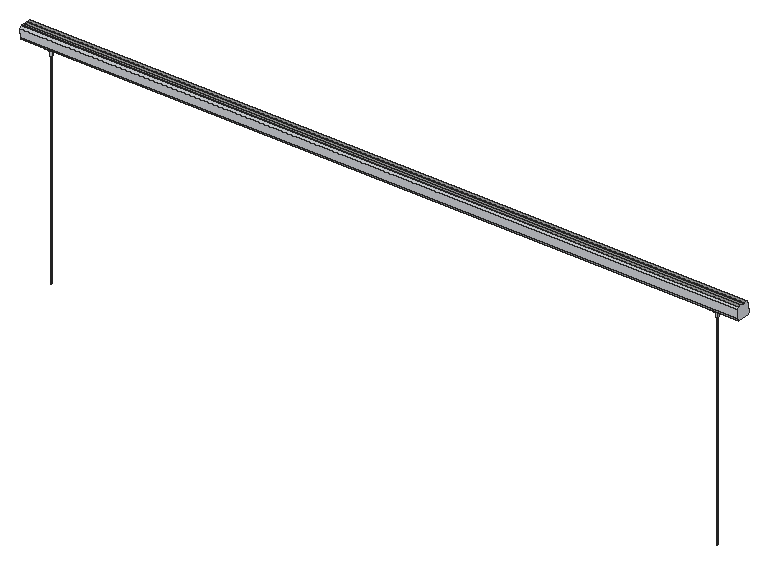
Revit family "0042546 Sylvania Lighting Fixture ISOLINE  3380MM BLANK UNIT 5C", category Lighting Fixtures, host Face, Revit 2018
Family settings
  Host = Face
  Round Connector Dimension = Use Diameter
  Part Type = Normal
  OmniClass Number = 23.80.70.00
  OmniClass Title = Lighting
  Cut with Voids When Loaded = No
  Light Source = No
  Shared = No
  Room Calculation Point = No
Parameters (values of type "0042546 ISOLINE  3380MM BLANK UNIT 5C")
  suspension height = 1000 mm
  spacer height = 5 mm
  spacer centres = 1000 mm
  height = 58.791 mm
  Width = 62 mm
  Weight = "n/a"
  Wattage Comments = ""
  WarrantyStartDate [instance] = "n/a"
  WarrantyGuarantorParts = "n/a"
  WarrantyDurationUnit = "n/a"
  WarrantyDurationParts = ""
  WarrantyDescription = "http://www.sylvania-lighting.com"
  Voltage = 0 V
  URL = "0"
  TypeName = "ISOLINE  3380MM BLANK UNIT 5C"
  Type Image = <None>
  Type Comments = "n/a"
  SerialNumber [instance] = "n/a"
  Material_3_FEILO = none
  PowerFactor = 0
  PowerConsumption = "Lighting"
  NominalLength = 62 mm
  NominalHeight = 0 mm
  NominalDepth = 0 mm
  Name = "ISOLINE  3380MM BLANK UNIT 5C"
  ModelReference = Name  # "ISOLINE  3380MM BLANK UNIT 5C"
  ModelNumber = "0042546"
  Model = Name  # "ISOLINE  3380MM BLANK UNIT 5C"
  Material = "Feilo Sylvania"
  ManufacturerName = "n/a"
  Manufacturer = ""
  LuminousEfficacy = ""
  LuminaireType = "0"
  LightOutputRatio = "LED"
  Length = 3380 mm
  LampsType = Lamp  # "n/a"
  LampNominalLuminous = "n/a"
  LampMacAdamStep = "n/a"
  LampColourTemperature = "LED"
  LampColourRenderingIndex = "16500"
  Lamp = "n/a"
  Keynote = "n/a"
  InstallationDate [instance] = "n/a"
  InputVoltage = "0"
  InputNominalFrequency = ""
  IngressProtection = "IfcLightFixtureType"
  ImpactProtectionIndex = "IfcLightFixtureType"
  IfcExportType = "IfcLightFixtureType"
  IfcExportAs = "n/a"
  Height = 1000 mm
  ExpectedLife = 50000
  ElectricShockClassification = ""
  DurationUnit = "hours"
  DocumentationLiterature = "http://www.sylvania-lighting.com/product/en-int/products/0042546"
  DimmingControlOptions = "n/a"
  Material_2_FEILO = none
  Description = "A ful 3380 rail with LED but no output. Fitted with 5 wires"
  Default Elevation = 1219.2 mm
  CreatedOn = "04/03/2021"
  CreatedBy = "@sylvania-lighting.com"
  Cost = 0
  built-in parameter 1114216 [instance] = (empty or 0)
  ClassificationValue = "EF_70_80"
  ClassificationName = "Uniclass2015"
  Material_1_FEILO = none
  BarCode [instance] = "n/a"
  AssetType = "Fixed"
  AssetIdentifier [instance] = "n/a"
  Assembly Code = "D5020200"
  Apparent Load = 0 VA
  Material_4_FEILO = none
Reference planes
  plane 1 "Center (Front/Back)": y = 0
  plane 2: z = 0
  plane 3 "Center (Left/Right)": x = 0
  plane 4: z = 0
  plane 5: z = 1000
  plane 6: y = 31
  plane 7: y = -31
  plane 8: x = -1690
  plane 9: x = 1690
  plane 10: x = -37.307
  plane 11: x = 55
  plane 12: z = 1058.791
  plane 13: z = 51
  plane 14: y = -27
  plane 15: y = 27
  plane 16: z = 12
  plane 17: y = -24.969
  plane 18: y = 25
  plane 19: y = 12
  plane 20: y = -12
  plane 21: z = 1.634
  plane 22: y = -8
  plane 23: y = 8
  plane 24: x = -1580
  plane 25: x = -1555
  plane 26: x = 1580
  plane 27: x = 1555
  plane 28: z = 995
  plane 29: y = 26.98
  plane 30: y = 16.98
  plane 31: y = -27.027
  plane 32: y = -17.004
  plane 33: z = 996.5
  plane 34: y = 26.002
  plane 35: y = -26.027
  plane 36: through (-1580, 7.965, 1219.2) normal (0.5391, 0.8423, 0)
  plane 37: through (-1555, 7.965, 1219.2) normal (0.5391, -0.8423, 0)
  plane 38: through (1555, 7.965, 1219.2) normal (0.5391, 0.8423, 0)
  plane 39: through (1580, 8, 1219.2) normal (0.5399, -0.8417, 0)
  plane 40: z = 1058.003
  plane 41: z = 1056.819
Forms (mm)
  Extrusion 1, solid, detail levels medium+fine
    sketch origin (-1690, -1523.717, -160.594) x (0, -1, -0.000261) y (0, 0.000261, -1)
      loop
        line (-1493, -1168.2) -> (-1497, -1160.2) -> (-1551, -1160.2) -> (-1555, -1168.2) -> (-1555, -1207.2) -> (-1549.109, -1218.982) -> (-1535.466, -1218.982) -> (-1532, -1217.566) -> (-1516, -1217.566) -> (-1512.511, -1218.991) -> (-1498.896, -1218.991) -> (-1493, -1207.2) -> (-1493, -1168.2)
    from 0 to 3380
  Extrusion 2, solid
    sketch origin (1555, 1524, 1219.189) x (0, 1, 0) y (0, 0, 1)
      loop
        line (-1497.021, -219.189) -> (-1498.02, -219.189) -> (-1507.02, -223.699) -> (-1541.004, -223.699) -> (-1550.017, -219.203) -> (-1551.02, -219.203) -> (-1541.004, -224.2) -> (-1507.02, -224.2) -> (-1497.021, -219.189)
    from 0 to 25
  Extrusion 3, solid
    sketch origin (-1580, 1524, 1219.189) x (0, 1, 0) y (0, 0, 1)
      loop
        line (-1497.021, -219.189) -> (-1498.02, -219.189) -> (-1507.02, -223.699) -> (-1541.004, -223.699) -> (-1550.017, -219.203) -> (-1551.02, -219.203) -> (-1541.004, -224.2) -> (-1507.02, -224.2) -> (-1497.021, -219.189)
    from 0 to 25
  Extrusion 4, solid
    sketch origin (4.2, 0, 0) x (1, 0, 0) y (0, 1, 0)
      loop
        circle (-1571.7, -0.035) r 5
    from 962.277 to 995
  Extrusion 5, solid
    sketch origin (3139.062, 0.065, 0) x (1, 0, 0) y (0, 1, 0)
      loop
        circle (-1571.7, -0.035) r 5
    from 962.277 to 995
  Extrusion 6, solid
    sketch origin (4.2, 0, 0) x (1, 0, 0) y (0, 1, 0)
      loop
        circle (-1571.7, -0.035) r 1.5
    from 0 to 962.277
  Extrusion 7, solid
    sketch origin (3139.076, 0.033, 0) x (1, 0, 0) y (0, 1, 0)
      loop
        circle (-1571.7, -0.035) r 1.5
    from 0 to 977.512
  Extrusion 8, solid, material "Glass, White, High Luminance", detail levels fine
    sketch origin (319, 1524, 1219.2) x (0, 1, 0) y (0, 0, 1)
      loop
        line (-1498.926, -160.099) -> (-1512.703, -160.099) -> (-1516.213, -161.534) -> (-1531.9, -161.534) -> (-1535.47, -160.114) -> (-1549.12, -160.114) -> (-1549.12, -161.197) -> (-1535.782, -161.197) -> (-1532.805, -162.381) -> (-1515.468, -162.381) -> (-1512.929, -161.197) -> (-1498.926, -161.197) -> (-1498.926, -160.099)
    from -2009 to 1371
  Extrusion 9, solid, detail levels coarse
    sketch origin (319, 1524, 1219.2) x (0, 1, 0) y (0, 0, 1)
      loop
        line (-1493, -160.052) -> (-1555, -160.052) -> (-1555, -1219.2) -> (-1493, -1219.2) -> (-1493, -160.052)
    from -2009 to 1371
Dimensions and locks
  "Width": plane 6 to plane 7
  equal spacing: plane 6, plane 1 "Center (Front/Back)", plane 7
  "Length": plane 8 to plane 9
  equal spacing: plane 8, plane 3 "Center (Left/Right)", plane 9
  "height": plane 12 to plane 5
  "suspension height": plane 5 to level
  aligned and locked: host face to plane 2
  aligned and locked: host face to level
Automatic sketch dimensions
  host sketch curve to host sketch curve = 3582.803 mm
  host sketch curve to host sketch curve = 2438.4 mm
  Extrusion 1 sketch curve to plane 29 = 0 mm
  Extrusion 1 sketch curve to plane 6 = 0.033 mm
  Extrusion 1 sketch curve to plane 12 = 11.778 mm
  Extrusion 1 sketch curve to Extrusion 1 sketch curve = 4 mm  (x2)
  Extrusion 1 sketch curve to Extrusion 1 sketch curve = 5.891 mm
  Extrusion 1 sketch curve to Extrusion 1 sketch curve = 13.643 mm
  Extrusion 1 sketch curve to Extrusion 1 sketch curve = 3.466 mm
  Extrusion 1 sketch curve to Extrusion 1 sketch curve = 16 mm
  Extrusion 1 sketch curve to Extrusion 1 sketch curve = 3.489 mm
  Extrusion 1 sketch curve to Extrusion 1 sketch curve = 13.615 mm
  Extrusion 1 sketch curve to Extrusion 1 sketch curve = 54 mm
  Extrusion 1 sketch curve to Extrusion 1 sketch curve = 47 mm
  Extrusion 1 sketch curve to Extrusion 1 sketch curve = 10.366 mm
  Extrusion 1 sketch curve to Extrusion 1 sketch curve = 1.425 mm
  Extrusion 1 sketch curve to Extrusion 1 sketch curve = 11.782 mm
  Extrusion 1 sketch curve to Extrusion 1 sketch curve = 8 mm  (x2)
  Extrusion 2 sketch curve to plane 32 = 0 mm  (x2)
  Extrusion 2 sketch curve to plane 30 = 0 mm  (x2)
  Extrusion 2 sketch curve to plane 5 = 0 mm
  Extrusion 2 sketch curve to plane 35 = 0.01 mm
  Extrusion 2 sketch curve to plane 31 = 0.007 mm
  plane 34 to Extrusion 2 sketch curve = 0.022 mm
  plane 29 to Extrusion 2 sketch curve = 0.001 mm
  Extrusion 2 sketch curve to plane 5 = 0.014 mm
  plane 28 to Extrusion 2 sketch curve = 0.489 mm
  Extrusion 2 sketch curve to plane 28 = 0.011 mm
  Extrusion 3 sketch curve to plane 32 = 0 mm  (x2)
  Extrusion 3 sketch curve to plane 30 = 0 mm  (x2)
  Extrusion 3 sketch curve to plane 5 = 0 mm
  Extrusion 3 sketch curve to plane 35 = 0.01 mm
  Extrusion 3 sketch curve to plane 31 = 0.007 mm
  plane 34 to Extrusion 3 sketch curve = 0.022 mm
  plane 29 to Extrusion 3 sketch curve = 0.001 mm
  Extrusion 3 sketch curve to plane 5 = 0.014 mm
  plane 28 to Extrusion 3 sketch curve = 0.489 mm
  Extrusion 3 sketch curve to plane 28 = 0.011 mm
  Extrusion 4 sketch curve to plane 36 = 0 mm
  plane 37 to Extrusion 4 sketch curve = 0 mm
  Extrusion 5 sketch curve to plane 1 "Center (Front/Back)" = 0.029 mm
  plane 27 to Extrusion 5 sketch curve = 12.362 mm
  Extrusion 6 sketch curve to plane 36 = 0 mm
  plane 37 to Extrusion 6 sketch curve = 0 mm
  plane 1 "Center (Front/Back)" to Extrusion 7 sketch curve = 0.002 mm
  plane 27 to Extrusion 7 sketch curve = 12.376 mm
  Extrusion 8 sketch curve to plane 40 = 0 mm  (x2)
  Extrusion 8 sketch curve to plane 41 = 0 mm
  plane 17 to Extrusion 8 sketch curve = 0.151 mm
  Extrusion 8 sketch curve to plane 20 = 0.218 mm
  plane 12 to Extrusion 8 sketch curve = 0.295 mm
  Extrusion 8 sketch curve to plane 20 = 0.53 mm
  plane 22 to Extrusion 8 sketch curve = 0.805 mm
  Extrusion 8 sketch curve to plane 22 = 0.1 mm
  plane 23 to Extrusion 8 sketch curve = 0.213 mm
  Extrusion 8 sketch curve to plane 23 = 0.532 mm
  plane 19 to Extrusion 8 sketch curve = 0.929 mm
  Extrusion 8 sketch curve to plane 18 = 0.074 mm
  plane 41 to Extrusion 8 sketch curve = 0.848 mm
  plane 19 to Extrusion 8 sketch curve = 0.703 mm
  plane 12 to Extrusion 8 sketch curve = 0.31 mm
  Extrusion 9 sketch curve to plane 7 = 0 mm
  Extrusion 9 sketch curve to plane 6 = 0 mm
  Extrusion 9 sketch curve to plane 33 = 996.5 mm
  plane 12 to Extrusion 9 sketch curve = 0.357 mm
  radius of Extrusion 4 sketch curve = 5 mm
  radius of Extrusion 5 sketch curve = 5 mm
  radius of Extrusion 6 sketch curve = 1.5 mm
  radius of Extrusion 7 sketch curve = 1.5 mm
Connectors
  electrical at (0, -0.02, 1000.004)
    settings: on Extrusion 1, index 1, voltage 0 V, apparent load 0 VA, apparent load phase1 0 VA, apparent load phase2 0 VA, apparent load phase3 0 VA, power factor 1, load classification "Other", number of poles 1, system type 31, power factor state 1, is connector primary yes, connector utility no, sub classification motor no, connector description ""
